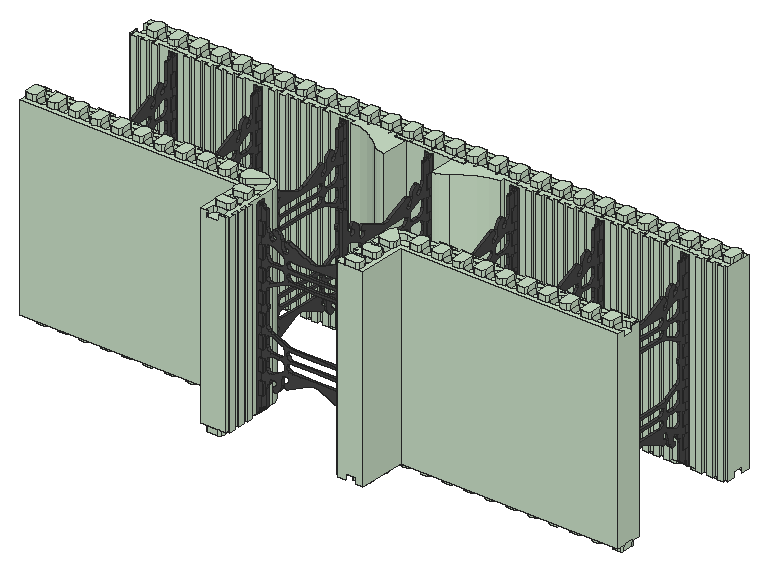
Revit family (continued)
Forms (in)
  Extrusion 45, solid, material "NUDURA Expanded Polystyrene Foam Insulation"
    sketch origin (4, -4, 0) x (1, 0, 0) y (0, 1, 0)
      loop
        line (6, -4.89806) -> (6, -3.9769)
    from 0 to -0.5
  Extrusion 46, void
    sketch origin (7.99998, -0.00002, 0) x (0, -1, 0) y (1, 0, 0)
      loop
        arc (-5.13595, -25.17306) -> (-5.1875, -25.49998) -> (-5.13595, -25.8269) r 1.0625
        arc (-5.13595, -25.8269) -> (-5.04517, -25.95213) -> (-4.89808, -25.99998) r 0.25
        line (-4.89808, -25.99998) -> (-3.97692, -25.99998)
        arc (-3.97692, -25.99998) -> (-3.88568, -25.98274) -> (-3.80702, -25.93338) r 0.25
        arc (-3.80702, -25.93338) -> (-3.78736, -25.92104) -> (-3.76455, -25.91673) r 0.0625
        line (-3.76455, -25.91673) -> (-3.41845, -25.91673) -> (-3.41845, -25.7459) -> (-3.64005, -25.7459)
        arc (-3.64005, -25.7459) -> (-3.68771, -25.72383) -> (-3.70172, -25.67321) r 0.0625
        arc (-3.70172, -25.67321) -> (-3.69045, -25.4209) -> (-3.73905, -25.17306) r 1.0625
        arc (-3.73905, -25.17306) -> (-3.82983, -25.04783) -> (-3.97692, -24.99998) r 0.25
        line (-3.97692, -24.99998) -> (-4.89808, -24.99998)
        arc (-4.89808, -24.99998) -> (-5.04517, -25.04783) -> (-5.13595, -25.17306) r 0.25
    from 18 to 17.5
  Extrusion 47, void
    sketch origin (9.99998, -0.00002, 0) x (0, -1, 0) y (1, 0, 0)
      loop
        arc (-5.13595, -25.17306) -> (-5.1875, -25.49998) -> (-5.13595, -25.8269) r 1.0625
        arc (-5.13595, -25.8269) -> (-5.04517, -25.95213) -> (-4.89808, -25.99998) r 0.25
        line (-4.89808, -25.99998) -> (-3.97692, -25.99998)
        arc (-3.97692, -25.99998) -> (-3.88568, -25.98274) -> (-3.80702, -25.93338) r 0.25
        arc (-3.80702, -25.93338) -> (-3.78736, -25.92104) -> (-3.76455, -25.91673) r 0.0625
        line (-3.76455, -25.91673) -> (-3.41845, -25.91673) -> (-3.41845, -25.7459) -> (-3.64005, -25.7459)
        arc (-3.64005, -25.7459) -> (-3.68771, -25.72383) -> (-3.70172, -25.67321) r 0.0625
        arc (-3.70172, -25.67321) -> (-3.69045, -25.4209) -> (-3.73905, -25.17306) r 1.0625
        arc (-3.73905, -25.17306) -> (-3.82983, -25.04783) -> (-3.97692, -24.99998) r 0.25
        line (-3.97692, -24.99998) -> (-4.89808, -24.99998)
        arc (-4.89808, -24.99998) -> (-5.04517, -25.04783) -> (-5.13595, -25.17306) r 0.25
    from 18 to 17.5
  Extrusion 48, void
    sketch origin (11.99998, -0.00002, 0) x (0, -1, 0) y (1, 0, 0)
      loop
        arc (-5.13595, -25.17306) -> (-5.1875, -25.49998) -> (-5.13595, -25.8269) r 1.0625
        arc (-5.13595, -25.8269) -> (-5.04517, -25.95213) -> (-4.89808, -25.99998) r 0.25
        line (-4.89808, -25.99998) -> (-3.97692, -25.99998)
        arc (-3.97692, -25.99998) -> (-3.88568, -25.98274) -> (-3.80702, -25.93338) r 0.25
        arc (-3.80702, -25.93338) -> (-3.78736, -25.92104) -> (-3.76455, -25.91673) r 0.0625
        line (-3.76455, -25.91673) -> (-3.41845, -25.91673) -> (-3.41845, -25.7459) -> (-3.64005, -25.7459)
        arc (-3.64005, -25.7459) -> (-3.68771, -25.72383) -> (-3.70172, -25.67321) r 0.0625
        arc (-3.70172, -25.67321) -> (-3.69045, -25.4209) -> (-3.73905, -25.17306) r 1.0625
        arc (-3.73905, -25.17306) -> (-3.82983, -25.04783) -> (-3.97692, -24.99998) r 0.25
        line (-3.97692, -24.99998) -> (-4.89808, -24.99998)
        arc (-4.89808, -24.99998) -> (-5.04517, -25.04783) -> (-5.13595, -25.17306) r 0.25
    from 18 to 17.5
  Extrusion 49, void
    sketch origin (13.99998, -0.00002, 0) x (0, -1, 0) y (1, 0, 0)
      loop
        arc (-5.13595, -25.17306) -> (-5.1875, -25.49998) -> (-5.13595, -25.8269) r 1.0625
        arc (-5.13595, -25.8269) -> (-5.04517, -25.95213) -> (-4.89808, -25.99998) r 0.25
        line (-4.89808, -25.99998) -> (-3.97692, -25.99998)
        arc (-3.97692, -25.99998) -> (-3.88568, -25.98274) -> (-3.80702, -25.93338) r 0.25
        arc (-3.80702, -25.93338) -> (-3.78736, -25.92104) -> (-3.76455, -25.91673) r 0.0625
        line (-3.76455, -25.91673) -> (-3.41845, -25.91673) -> (-3.41845, -25.7459) -> (-3.64005, -25.7459)
        arc (-3.64005, -25.7459) -> (-3.68771, -25.72383) -> (-3.70172, -25.67321) r 0.0625
        arc (-3.70172, -25.67321) -> (-3.69045, -25.4209) -> (-3.73905, -25.17306) r 1.0625
        arc (-3.73905, -25.17306) -> (-3.82983, -25.04783) -> (-3.97692, -24.99998) r 0.25
        line (-3.97692, -24.99998) -> (-4.89808, -24.99998)
        arc (-4.89808, -24.99998) -> (-5.04517, -25.04783) -> (-5.13595, -25.17306) r 0.25
    from 18 to 17.5
  Extrusion 50, void
    sketch origin (5.99998, -0.00002, 0) x (0, -1, 0) y (1, 0, 0)
      loop
        arc (-5.13595, -25.17306) -> (-5.1875, -25.49998) -> (-5.13595, -25.8269) r 1.0625
        arc (-5.13595, -25.8269) -> (-5.04517, -25.95213) -> (-4.89808, -25.99998) r 0.25
        line (-4.89808, -25.99998) -> (-3.97692, -25.99998)
        arc (-3.97692, -25.99998) -> (-3.88568, -25.98274) -> (-3.80702, -25.93338) r 0.25
        arc (-3.80702, -25.93338) -> (-3.78736, -25.92104) -> (-3.76455, -25.91673) r 0.0625
        line (-3.76455, -25.91673) -> (-3.41845, -25.91673) -> (-3.41845, -25.7459) -> (-3.64005, -25.7459)
        arc (-3.64005, -25.7459) -> (-3.68771, -25.72383) -> (-3.70172, -25.67321) r 0.0625
        arc (-3.70172, -25.67321) -> (-3.69045, -25.4209) -> (-3.73905, -25.17306) r 1.0625
        arc (-3.73905, -25.17306) -> (-3.82983, -25.04783) -> (-3.97692, -24.99998) r 0.25
        line (-3.97692, -24.99998) -> (-4.89808, -24.99998)
        arc (-4.89808, -24.99998) -> (-5.04517, -25.04783) -> (-5.13595, -25.17306) r 0.25
    from 18 to 17.5
  Extrusion 51, void
    sketch origin (-0.00002, -0.00002, 0) x (0, -1, 0) y (1, 0, 0)
      loop
        arc (-5.13595, -25.17306) -> (-5.1875, -25.49998) -> (-5.13595, -25.8269) r 1.0625
        arc (-5.13595, -25.8269) -> (-5.04517, -25.95213) -> (-4.89808, -25.99998) r 0.25
        line (-4.89808, -25.99998) -> (-3.97692, -25.99998)
        arc (-3.97692, -25.99998) -> (-3.88568, -25.98274) -> (-3.80702, -25.93338) r 0.25
        arc (-3.80702, -25.93338) -> (-3.78736, -25.92104) -> (-3.76455, -25.91673) r 0.0625
        line (-3.76455, -25.91673) -> (-3.41845, -25.91673) -> (-3.41845, -25.7459) -> (-3.64005, -25.7459)
        arc (-3.64005, -25.7459) -> (-3.68771, -25.72383) -> (-3.70172, -25.67321) r 0.0625
        arc (-3.70172, -25.67321) -> (-3.69045, -25.4209) -> (-3.73905, -25.17306) r 1.0625
        arc (-3.73905, -25.17306) -> (-3.82983, -25.04783) -> (-3.97692, -24.99998) r 0.25
        line (-3.97692, -24.99998) -> (-4.89808, -24.99998)
        arc (-4.89808, -24.99998) -> (-5.04517, -25.04783) -> (-5.13595, -25.17306) r 0.25
    from 18 to 17.5
  Extrusion 52, void
    sketch origin (1.99998, -0.00002, 0) x (0, -1, 0) y (1, 0, 0)
      loop
        arc (-5.13595, -25.17306) -> (-5.1875, -25.49998) -> (-5.13595, -25.8269) r 1.0625
        arc (-5.13595, -25.8269) -> (-5.04517, -25.95213) -> (-4.89808, -25.99998) r 0.25
        line (-4.89808, -25.99998) -> (-3.97692, -25.99998)
        arc (-3.97692, -25.99998) -> (-3.88568, -25.98274) -> (-3.80702, -25.93338) r 0.25
        arc (-3.80702, -25.93338) -> (-3.78736, -25.92104) -> (-3.76455, -25.91673) r 0.0625
        line (-3.76455, -25.91673) -> (-3.41845, -25.91673) -> (-3.41845, -25.7459) -> (-3.64005, -25.7459)
        arc (-3.64005, -25.7459) -> (-3.68771, -25.72383) -> (-3.70172, -25.67321) r 0.0625
        arc (-3.70172, -25.67321) -> (-3.69045, -25.4209) -> (-3.73905, -25.17306) r 1.0625
        arc (-3.73905, -25.17306) -> (-3.82983, -25.04783) -> (-3.97692, -24.99998) r 0.25
        line (-3.97692, -24.99998) -> (-4.89808, -24.99998)
        arc (-4.89808, -24.99998) -> (-5.04517, -25.04783) -> (-5.13595, -25.17306) r 0.25
    from 18 to 17.5
  Extrusion 53, void
    sketch origin (3.99998, -0.00002, 0) x (0, -1, 0) y (1, 0, 0)
      loop
        arc (-5.13595, -25.17306) -> (-5.1875, -25.49998) -> (-5.13595, -25.8269) r 1.0625
        arc (-5.13595, -25.8269) -> (-5.04517, -25.95213) -> (-4.89808, -25.99998) r 0.25
        line (-4.89808, -25.99998) -> (-3.97692, -25.99998)
        arc (-3.97692, -25.99998) -> (-3.88568, -25.98274) -> (-3.80702, -25.93338) r 0.25
        arc (-3.80702, -25.93338) -> (-3.78736, -25.92104) -> (-3.76455, -25.91673) r 0.0625
        line (-3.76455, -25.91673) -> (-3.41845, -25.91673) -> (-3.41845, -25.7459) -> (-3.64005, -25.7459)
        arc (-3.64005, -25.7459) -> (-3.68771, -25.72383) -> (-3.70172, -25.67321) r 0.0625
        arc (-3.70172, -25.67321) -> (-3.69045, -25.4209) -> (-3.73905, -25.17306) r 1.0625
        arc (-3.73905, -25.17306) -> (-3.82983, -25.04783) -> (-3.97692, -24.99998) r 0.25
        line (-3.97692, -24.99998) -> (-4.89808, -24.99998)
        arc (-4.89808, -24.99998) -> (-5.04517, -25.04783) -> (-5.13595, -25.17306) r 0.25
    from 18 to 17.5
  Extrusion 54, void
    sketch origin (-35.99998, -3.99998, 0) x (0, 1, 0) y (-1, 0, 0)
      loop
        arc (-5.13595, -25.17306) -> (-5.1875, -25.49998) -> (-5.13595, -25.8269) r 1.0625
        arc (-5.13595, -25.8269) -> (-5.04517, -25.95213) -> (-4.89808, -25.99998) r 0.25
        line (-4.89808, -25.99998) -> (-3.97692, -25.99998)
        arc (-3.97692, -25.99998) -> (-3.88568, -25.98274) -> (-3.80702, -25.93338) r 0.25
        arc (-3.80702, -25.93338) -> (-3.78736, -25.92104) -> (-3.76455, -25.91673) r 0.0625
        line (-3.76455, -25.91673) -> (-3.41845, -25.91673) -> (-3.41845, -25.7459) -> (-3.64005, -25.7459)
        arc (-3.64005, -25.7459) -> (-3.68771, -25.72383) -> (-3.70172, -25.67321) r 0.0625
        arc (-3.70172, -25.67321) -> (-3.69045, -25.4209) -> (-3.73905, -25.17306) r 1.0625
        arc (-3.73905, -25.17306) -> (-3.82983, -25.04783) -> (-3.97692, -24.99998) r 0.25
        line (-3.97692, -24.99998) -> (-4.89808, -24.99998)
        arc (-4.89808, -24.99998) -> (-5.04517, -25.04783) -> (-5.13595, -25.17306) r 0.25
    from 18 to 17.5
  Extrusion 55, void
    sketch origin (-37.99998, -3.99998, 0) x (0, 1, 0) y (-1, 0, 0)
      loop
        arc (-5.13595, -25.17306) -> (-5.1875, -25.49998) -> (-5.13595, -25.8269) r 1.0625
        arc (-5.13595, -25.8269) -> (-5.04517, -25.95213) -> (-4.89808, -25.99998) r 0.25
        line (-4.89808, -25.99998) -> (-3.97692, -25.99998)
        arc (-3.97692, -25.99998) -> (-3.88568, -25.98274) -> (-3.80702, -25.93338) r 0.25
        arc (-3.80702, -25.93338) -> (-3.78736, -25.92104) -> (-3.76455, -25.91673) r 0.0625
        line (-3.76455, -25.91673) -> (-3.41845, -25.91673) -> (-3.41845, -25.7459) -> (-3.64005, -25.7459)
        arc (-3.64005, -25.7459) -> (-3.68771, -25.72383) -> (-3.70172, -25.67321) r 0.0625
        arc (-3.70172, -25.67321) -> (-3.69045, -25.4209) -> (-3.73905, -25.17306) r 1.0625
        arc (-3.73905, -25.17306) -> (-3.82983, -25.04783) -> (-3.97692, -24.99998) r 0.25
        line (-3.97692, -24.99998) -> (-4.89808, -24.99998)
        arc (-4.89808, -24.99998) -> (-5.04517, -25.04783) -> (-5.13595, -25.17306) r 0.25
    from 18 to 17.5
  Extrusion 56, void
    sketch origin (-39.99998, -3.99998, 0) x (0, 1, 0) y (-1, 0, 0)
      loop
        arc (-5.13595, -25.17306) -> (-5.1875, -25.49998) -> (-5.13595, -25.8269) r 1.0625
        arc (-5.13595, -25.8269) -> (-5.04517, -25.95213) -> (-4.89808, -25.99998) r 0.25
        line (-4.89808, -25.99998) -> (-3.97692, -25.99998)
        arc (-3.97692, -25.99998) -> (-3.88568, -25.98274) -> (-3.80702, -25.93338) r 0.25
        arc (-3.80702, -25.93338) -> (-3.78736, -25.92104) -> (-3.76455, -25.91673) r 0.0625
        line (-3.76455, -25.91673) -> (-3.41845, -25.91673) -> (-3.41845, -25.7459) -> (-3.64005, -25.7459)
        arc (-3.64005, -25.7459) -> (-3.68771, -25.72383) -> (-3.70172, -25.67321) r 0.0625
        arc (-3.70172, -25.67321) -> (-3.69045, -25.4209) -> (-3.73905, -25.17306) r 1.0625
        arc (-3.73905, -25.17306) -> (-3.82983, -25.04783) -> (-3.97692, -24.99998) r 0.25
        line (-3.97692, -24.99998) -> (-4.89808, -24.99998)
        arc (-4.89808, -24.99998) -> (-5.04517, -25.04783) -> (-5.13595, -25.17306) r 0.25
    from 18 to 17.5
  Extrusion 57, void
    sketch origin (-41.99998, -3.99998, 0) x (0, 1, 0) y (-1, 0, 0)
      loop
        arc (-5.13595, -25.17306) -> (-5.1875, -25.49998) -> (-5.13595, -25.8269) r 1.0625
        arc (-5.13595, -25.8269) -> (-5.04517, -25.95213) -> (-4.89808, -25.99998) r 0.25
        line (-4.89808, -25.99998) -> (-3.97692, -25.99998)
        arc (-3.97692, -25.99998) -> (-3.88568, -25.98274) -> (-3.80702, -25.93338) r 0.25
        arc (-3.80702, -25.93338) -> (-3.78736, -25.92104) -> (-3.76455, -25.91673) r 0.0625
        line (-3.76455, -25.91673) -> (-3.41845, -25.91673) -> (-3.41845, -25.7459) -> (-3.64005, -25.7459)
        arc (-3.64005, -25.7459) -> (-3.68771, -25.72383) -> (-3.70172, -25.67321) r 0.0625
        arc (-3.70172, -25.67321) -> (-3.69045, -25.4209) -> (-3.73905, -25.17306) r 1.0625
        arc (-3.73905, -25.17306) -> (-3.82983, -25.04783) -> (-3.97692, -24.99998) r 0.25
        line (-3.97692, -24.99998) -> (-4.89808, -24.99998)
        arc (-4.89808, -24.99998) -> (-5.04517, -25.04783) -> (-5.13595, -25.17306) r 0.25
    from 18 to 17.5
  Extrusion 58, void
    sketch origin (-43.99998, -3.99998, 0) x (0, 1, 0) y (-1, 0, 0)
      loop
        arc (-5.13595, -25.17306) -> (-5.1875, -25.49998) -> (-5.13595, -25.8269) r 1.0625
        arc (-5.13595, -25.8269) -> (-5.04517, -25.95213) -> (-4.89808, -25.99998) r 0.25
        line (-4.89808, -25.99998) -> (-3.97692, -25.99998)
        arc (-3.97692, -25.99998) -> (-3.88568, -25.98274) -> (-3.80702, -25.93338) r 0.25
        arc (-3.80702, -25.93338) -> (-3.78736, -25.92104) -> (-3.76455, -25.91673) r 0.0625
        line (-3.76455, -25.91673) -> (-3.41845, -25.91673) -> (-3.41845, -25.7459) -> (-3.64005, -25.7459)
        arc (-3.64005, -25.7459) -> (-3.68771, -25.72383) -> (-3.70172, -25.67321) r 0.0625
        arc (-3.70172, -25.67321) -> (-3.69045, -25.4209) -> (-3.73905, -25.17306) r 1.0625
        arc (-3.73905, -25.17306) -> (-3.82983, -25.04783) -> (-3.97692, -24.99998) r 0.25
        line (-3.97692, -24.99998) -> (-4.89808, -24.99998)
        arc (-4.89808, -24.99998) -> (-5.04517, -25.04783) -> (-5.13595, -25.17306) r 0.25
    from 18 to 17.5
  Extrusion 59, void
    sketch origin (-45.99998, -3.99998, 0) x (0, 1, 0) y (-1, 0, 0)
      loop
        arc (-5.13595, -25.17306) -> (-5.1875, -25.49998) -> (-5.13595, -25.8269) r 1.0625
        arc (-5.13595, -25.8269) -> (-5.04517, -25.95213) -> (-4.89808, -25.99998) r 0.25
        line (-4.89808, -25.99998) -> (-3.97692, -25.99998)
        arc (-3.97692, -25.99998) -> (-3.88568, -25.98274) -> (-3.80702, -25.93338) r 0.25
        arc (-3.80702, -25.93338) -> (-3.78736, -25.92104) -> (-3.76455, -25.91673) r 0.0625
        line (-3.76455, -25.91673) -> (-3.41845, -25.91673) -> (-3.41845, -25.7459) -> (-3.64005, -25.7459)
        arc (-3.64005, -25.7459) -> (-3.68771, -25.72383) -> (-3.70172, -25.67321) r 0.0625
        arc (-3.70172, -25.67321) -> (-3.69045, -25.4209) -> (-3.73905, -25.17306) r 1.0625
        arc (-3.73905, -25.17306) -> (-3.82983, -25.04783) -> (-3.97692, -24.99998) r 0.25
        line (-3.97692, -24.99998) -> (-4.89808, -24.99998)
        arc (-4.89808, -24.99998) -> (-5.04517, -25.04783) -> (-5.13595, -25.17306) r 0.25
    from 18 to 17.5
  Extrusion 60, void
    sketch origin (-47.99998, -3.99998, 0) x (0, 1, 0) y (-1, 0, 0)
      loop
        arc (-5.13595, -25.17306) -> (-5.1875, -25.49998) -> (-5.13595, -25.8269) r 1.0625
        arc (-5.13595, -25.8269) -> (-5.04517, -25.95213) -> (-4.89808, -25.99998) r 0.25
        line (-4.89808, -25.99998) -> (-3.97692, -25.99998)
        arc (-3.97692, -25.99998) -> (-3.88568, -25.98274) -> (-3.80702, -25.93338) r 0.25
        arc (-3.80702, -25.93338) -> (-3.78736, -25.92104) -> (-3.76455, -25.91673) r 0.0625
        line (-3.76455, -25.91673) -> (-3.41845, -25.91673) -> (-3.41845, -25.7459) -> (-3.64005, -25.7459)
        arc (-3.64005, -25.7459) -> (-3.68771, -25.72383) -> (-3.70172, -25.67321) r 0.0625
        arc (-3.70172, -25.67321) -> (-3.69045, -25.4209) -> (-3.73905, -25.17306) r 1.0625
        arc (-3.73905, -25.17306) -> (-3.82983, -25.04783) -> (-3.97692, -24.99998) r 0.25
        line (-3.97692, -24.99998) -> (-4.89808, -24.99998)
        arc (-4.89808, -24.99998) -> (-5.04517, -25.04783) -> (-5.13595, -25.17306) r 0.25
    from 18 to 17.5
  Extrusion 61, void
    sketch origin (-49.99998, -3.99998, 0) x (0, 1, 0) y (-1, 0, 0)
      loop
        arc (-5.13595, -25.17306) -> (-5.1875, -25.49998) -> (-5.13595, -25.8269) r 1.0625
        arc (-5.13595, -25.8269) -> (-5.04517, -25.95213) -> (-4.89808, -25.99998) r 0.25
        line (-4.89808, -25.99998) -> (-3.97692, -25.99998)
        arc (-3.97692, -25.99998) -> (-3.88568, -25.98274) -> (-3.80702, -25.93338) r 0.25
        arc (-3.80702, -25.93338) -> (-3.78736, -25.92104) -> (-3.76455, -25.91673) r 0.0625
        line (-3.76455, -25.91673) -> (-3.41845, -25.91673) -> (-3.41845, -25.7459) -> (-3.64005, -25.7459)
        arc (-3.64005, -25.7459) -> (-3.68771, -25.72383) -> (-3.70172, -25.67321) r 0.0625
        arc (-3.70172, -25.67321) -> (-3.69045, -25.4209) -> (-3.73905, -25.17306) r 1.0625
        arc (-3.73905, -25.17306) -> (-3.82983, -25.04783) -> (-3.97692, -24.99998) r 0.25
        line (-3.97692, -24.99998) -> (-4.89808, -24.99998)
        arc (-4.89808, -24.99998) -> (-5.04517, -25.04783) -> (-5.13595, -25.17306) r 0.25
    from 18 to 17.5
  Extrusion 62, void
    sketch origin (-9.99998, -3.99998, 0) x (0, 1, 0) y (-1, 0, 0)
      loop
        arc (-5.13595, -25.17306) -> (-5.1875, -25.49998) -> (-5.13595, -25.8269) r 1.0625
        arc (-5.13595, -25.8269) -> (-5.04517, -25.95213) -> (-4.89808, -25.99998) r 0.25
        line (-4.89808, -25.99998) -> (-3.97692, -25.99998)
        arc (-3.97692, -25.99998) -> (-3.88568, -25.98274) -> (-3.80702, -25.93338) r 0.25
        arc (-3.80702, -25.93338) -> (-3.78736, -25.92104) -> (-3.76455, -25.91673) r 0.0625
        line (-3.76455, -25.91673) -> (-3.41845, -25.91673) -> (-3.41845, -25.7459) -> (-3.64005, -25.7459)
        arc (-3.64005, -25.7459) -> (-3.68771, -25.72383) -> (-3.70172, -25.67321) r 0.0625
        arc (-3.70172, -25.67321) -> (-3.69045, -25.4209) -> (-3.73905, -25.17306) r 1.0625
        arc (-3.73905, -25.17306) -> (-3.82983, -25.04783) -> (-3.97692, -24.99998) r 0.25
        line (-3.97692, -24.99998) -> (-4.89808, -24.99998)
        arc (-4.89808, -24.99998) -> (-5.04517, -25.04783) -> (-5.13595, -25.17306) r 0.25
    from 18 to 17.5
  Extrusion 63, void
    sketch origin (-7.99998, -3.99998, 0) x (0, 1, 0) y (-1, 0, 0)
      loop
        arc (-5.13595, -25.17306) -> (-5.1875, -25.49998) -> (-5.13595, -25.8269) r 1.0625
        arc (-5.13595, -25.8269) -> (-5.04517, -25.95213) -> (-4.89808, -25.99998) r 0.25
        line (-4.89808, -25.99998) -> (-3.97692, -25.99998)
        arc (-3.97692, -25.99998) -> (-3.88568, -25.98274) -> (-3.80702, -25.93338) r 0.25
        arc (-3.80702, -25.93338) -> (-3.78736, -25.92104) -> (-3.76455, -25.91673) r 0.0625
        line (-3.76455, -25.91673) -> (-3.41845, -25.91673) -> (-3.41845, -25.7459) -> (-3.64005, -25.7459)
        arc (-3.64005, -25.7459) -> (-3.68771, -25.72383) -> (-3.70172, -25.67321) r 0.0625
        arc (-3.70172, -25.67321) -> (-3.69045, -25.4209) -> (-3.73905, -25.17306) r 1.0625
        arc (-3.73905, -25.17306) -> (-3.82983, -25.04783) -> (-3.97692, -24.99998) r 0.25
        line (-3.97692, -24.99998) -> (-4.89808, -24.99998)
        arc (-4.89808, -24.99998) -> (-5.04517, -25.04783) -> (-5.13595, -25.17306) r 0.25
    from 18 to 17.5
  Extrusion 64, void
    sketch origin (-5.99998, -3.99998, 0) x (0, 1, 0) y (-1, 0, 0)
      loop
        arc (-5.13595, -25.17306) -> (-5.1875, -25.49998) -> (-5.13595, -25.8269) r 1.0625
        arc (-5.13595, -25.8269) -> (-5.04517, -25.95213) -> (-4.89808, -25.99998) r 0.25
        line (-4.89808, -25.99998) -> (-3.97692, -25.99998)
        arc (-3.97692, -25.99998) -> (-3.88568, -25.98274) -> (-3.80702, -25.93338) r 0.25
        arc (-3.80702, -25.93338) -> (-3.78736, -25.92104) -> (-3.76455, -25.91673) r 0.0625
        line (-3.76455, -25.91673) -> (-3.41845, -25.91673) -> (-3.41845, -25.7459) -> (-3.64005, -25.7459)
        arc (-3.64005, -25.7459) -> (-3.68771, -25.72383) -> (-3.70172, -25.67321) r 0.0625
        arc (-3.70172, -25.67321) -> (-3.69045, -25.4209) -> (-3.73905, -25.17306) r 1.0625
        arc (-3.73905, -25.17306) -> (-3.82983, -25.04783) -> (-3.97692, -24.99998) r 0.25
        line (-3.97692, -24.99998) -> (-4.89808, -24.99998)
        arc (-4.89808, -24.99998) -> (-5.04517, -25.04783) -> (-5.13595, -25.17306) r 0.25
    from 18 to 17.5
  Extrusion 65, void
    sketch origin (-3.99998, -3.99998, 0) x (0, 1, 0) y (-1, 0, 0)
      loop
        arc (-5.13595, -25.17306) -> (-5.1875, -25.49998) -> (-5.13595, -25.8269) r 1.0625
        arc (-5.13595, -25.8269) -> (-5.04517, -25.95213) -> (-4.89808, -25.99998) r 0.25
        line (-4.89808, -25.99998) -> (-3.97692, -25.99998)
        arc (-3.97692, -25.99998) -> (-3.88568, -25.98274) -> (-3.80702, -25.93338) r 0.25
        arc (-3.80702, -25.93338) -> (-3.78736, -25.92104) -> (-3.76455, -25.91673) r 0.0625
        line (-3.76455, -25.91673) -> (-3.41845, -25.91673) -> (-3.41845, -25.7459) -> (-3.64005, -25.7459)
        arc (-3.64005, -25.7459) -> (-3.68771, -25.72383) -> (-3.70172, -25.67321) r 0.0625
        arc (-3.70172, -25.67321) -> (-3.69045, -25.4209) -> (-3.73905, -25.17306) r 1.0625
        arc (-3.73905, -25.17306) -> (-3.82983, -25.04783) -> (-3.97692, -24.99998) r 0.25
        line (-3.97692, -24.99998) -> (-4.89808, -24.99998)
        arc (-4.89808, -24.99998) -> (-5.04517, -25.04783) -> (-5.13595, -25.17306) r 0.25
    from 18 to 17.5
  Extrusion 66, void
    sketch origin (-1.99998, -3.99998, 0) x (0, 1, 0) y (-1, 0, 0)
      loop
        arc (-5.13595, -25.17306) -> (-5.1875, -25.49998) -> (-5.13595, -25.8269) r 1.0625
        arc (-5.13595, -25.8269) -> (-5.04517, -25.95213) -> (-4.89808, -25.99998) r 0.25
        line (-4.89808, -25.99998) -> (-3.97692, -25.99998)
        arc (-3.97692, -25.99998) -> (-3.88568, -25.98274) -> (-3.80702, -25.93338) r 0.25
        arc (-3.80702, -25.93338) -> (-3.78736, -25.92104) -> (-3.76455, -25.91673) r 0.0625
        line (-3.76455, -25.91673) -> (-3.41845, -25.91673) -> (-3.41845, -25.7459) -> (-3.64005, -25.7459)
        arc (-3.64005, -25.7459) -> (-3.68771, -25.72383) -> (-3.70172, -25.67321) r 0.0625
        arc (-3.70172, -25.67321) -> (-3.69045, -25.4209) -> (-3.73905, -25.17306) r 1.0625
        arc (-3.73905, -25.17306) -> (-3.82983, -25.04783) -> (-3.97692, -24.99998) r 0.25
        line (-3.97692, -24.99998) -> (-4.89808, -24.99998)
        arc (-4.89808, -24.99998) -> (-5.04517, -25.04783) -> (-5.13595, -25.17306) r 0.25
    from 18 to 17.5
  Extrusion 67, void
    sketch origin (0.00002, -3.99998, 0) x (0, 1, 0) y (-1, 0, 0)
      loop
        arc (-5.13595, -25.17306) -> (-5.1875, -25.49998) -> (-5.13595, -25.8269) r 1.0625
        arc (-5.13595, -25.8269) -> (-5.04517, -25.95213) -> (-4.89808, -25.99998) r 0.25
        line (-4.89808, -25.99998) -> (-3.97692, -25.99998)
        arc (-3.97692, -25.99998) -> (-3.88568, -25.98274) -> (-3.80702, -25.93338) r 0.25
        arc (-3.80702, -25.93338) -> (-3.78736, -25.92104) -> (-3.76455, -25.91673) r 0.0625
        line (-3.76455, -25.91673) -> (-3.41845, -25.91673) -> (-3.41845, -25.7459) -> (-3.64005, -25.7459)
        arc (-3.64005, -25.7459) -> (-3.68771, -25.72383) -> (-3.70172, -25.67321) r 0.0625
        arc (-3.70172, -25.67321) -> (-3.69045, -25.4209) -> (-3.73905, -25.17306) r 1.0625
        arc (-3.73905, -25.17306) -> (-3.82983, -25.04783) -> (-3.97692, -24.99998) r 0.25
        line (-3.97692, -24.99998) -> (-4.89808, -24.99998)
        arc (-4.89808, -24.99998) -> (-5.04517, -25.04783) -> (-5.13595, -25.17306) r 0.25
    from 18 to 17.5
  Extrusion 68, void
    sketch origin (2.00002, -3.99998, 0) x (0, 1, 0) y (-1, 0, 0)
      loop
        arc (-5.13595, -25.17306) -> (-5.1875, -25.49998) -> (-5.13595, -25.8269) r 1.0625
        arc (-5.13595, -25.8269) -> (-5.04517, -25.95213) -> (-4.89808, -25.99998) r 0.25
        line (-4.89808, -25.99998) -> (-3.97692, -25.99998)
        arc (-3.97692, -25.99998) -> (-3.88568, -25.98274) -> (-3.80702, -25.93338) r 0.25
        arc (-3.80702, -25.93338) -> (-3.78736, -25.92104) -> (-3.76455, -25.91673) r 0.0625
        line (-3.76455, -25.91673) -> (-3.41845, -25.91673) -> (-3.41845, -25.7459) -> (-3.64005, -25.7459)
        arc (-3.64005, -25.7459) -> (-3.68771, -25.72383) -> (-3.70172, -25.67321) r 0.0625
        arc (-3.70172, -25.67321) -> (-3.69045, -25.4209) -> (-3.73905, -25.17306) r 1.0625
        arc (-3.73905, -25.17306) -> (-3.82983, -25.04783) -> (-3.97692, -24.99998) r 0.25
        line (-3.97692, -24.99998) -> (-4.89808, -24.99998)
        arc (-4.89808, -24.99998) -> (-5.04517, -25.04783) -> (-5.13595, -25.17306) r 0.25
    from 18 to 17.5
  Extrusion 69, void
    sketch origin (4.00002, -3.99998, 0) x (0, 1, 0) y (-1, 0, 0)
      loop
        arc (-5.13595, -25.17306) -> (-5.1875, -25.49998) -> (-5.13595, -25.8269) r 1.0625
        arc (-5.13595, -25.8269) -> (-5.04517, -25.95213) -> (-4.89808, -25.99998) r 0.25
        line (-4.89808, -25.99998) -> (-3.97692, -25.99998)
        arc (-3.97692, -25.99998) -> (-3.88568, -25.98274) -> (-3.80702, -25.93338) r 0.25
        arc (-3.80702, -25.93338) -> (-3.78736, -25.92104) -> (-3.76455, -25.91673) r 0.0625
        line (-3.76455, -25.91673) -> (-3.41845, -25.91673) -> (-3.41845, -25.7459) -> (-3.64005, -25.7459)
        arc (-3.64005, -25.7459) -> (-3.68771, -25.72383) -> (-3.70172, -25.67321) r 0.0625
        arc (-3.70172, -25.67321) -> (-3.69045, -25.4209) -> (-3.73905, -25.17306) r 1.0625
        arc (-3.73905, -25.17306) -> (-3.82983, -25.04783) -> (-3.97692, -24.99998) r 0.25
        line (-3.97692, -24.99998) -> (-4.89808, -24.99998)
        arc (-4.89808, -24.99998) -> (-5.04517, -25.04783) -> (-5.13595, -25.17306) r 0.25
    from 18 to 17.5
  Extrusion 70, void
    sketch origin (37.99998, -0.00002, 0) x (0, -1, 0) y (1, 0, 0)
      loop
        arc (-5.13595, -25.17306) -> (-5.1875, -25.49998) -> (-5.13595, -25.8269) r 1.0625
        arc (-5.13595, -25.8269) -> (-5.04517, -25.95213) -> (-4.89808, -25.99998) r 0.25
        line (-4.89808, -25.99998) -> (-3.97692, -25.99998)
        arc (-3.97692, -25.99998) -> (-3.88568, -25.98274) -> (-3.80702, -25.93338) r 0.25
        arc (-3.80702, -25.93338) -> (-3.78736, -25.92104) -> (-3.76455, -25.91673) r 0.0625
        line (-3.76455, -25.91673) -> (-3.41845, -25.91673) -> (-3.41845, -25.7459) -> (-3.64005, -25.7459)
        arc (-3.64005, -25.7459) -> (-3.68771, -25.72383) -> (-3.70172, -25.67321) r 0.0625
        arc (-3.70172, -25.67321) -> (-3.69045, -25.4209) -> (-3.73905, -25.17306) r 1.0625
        arc (-3.73905, -25.17306) -> (-3.82983, -25.04783) -> (-3.97692, -24.99998) r 0.25
        line (-3.97692, -24.99998) -> (-4.89808, -24.99998)
        arc (-4.89808, -24.99998) -> (-5.04517, -25.04783) -> (-5.13595, -25.17306) r 0.25
    from 18 to 17.5
  Extrusion 71, void
    sketch origin (39.99998, -0.00002, 0) x (0, -1, 0) y (1, 0, 0)
      loop
        arc (-5.13595, -25.17306) -> (-5.1875, -25.49998) -> (-5.13595, -25.8269) r 1.0625
        arc (-5.13595, -25.8269) -> (-5.04517, -25.95213) -> (-4.89808, -25.99998) r 0.25
        line (-4.89808, -25.99998) -> (-3.97692, -25.99998)
        arc (-3.97692, -25.99998) -> (-3.88568, -25.98274) -> (-3.80702, -25.93338) r 0.25
        arc (-3.80702, -25.93338) -> (-3.78736, -25.92104) -> (-3.76455, -25.91673) r 0.0625
        line (-3.76455, -25.91673) -> (-3.41845, -25.91673) -> (-3.41845, -25.7459) -> (-3.64005, -25.7459)
        arc (-3.64005, -25.7459) -> (-3.68771, -25.72383) -> (-3.70172, -25.67321) r 0.0625
        arc (-3.70172, -25.67321) -> (-3.69045, -25.4209) -> (-3.73905, -25.17306) r 1.0625
        arc (-3.73905, -25.17306) -> (-3.82983, -25.04783) -> (-3.97692, -24.99998) r 0.25
        line (-3.97692, -24.99998) -> (-4.89808, -24.99998)
        arc (-4.89808, -24.99998) -> (-5.04517, -25.04783) -> (-5.13595, -25.17306) r 0.25
    from 18 to 17.5
  Extrusion 72, void
    sketch origin (41.99998, -0.00002, 0) x (0, -1, 0) y (1, 0, 0)
      loop
        arc (-5.13595, -25.17306) -> (-5.1875, -25.49998) -> (-5.13595, -25.8269) r 1.0625
        arc (-5.13595, -25.8269) -> (-5.04517, -25.95213) -> (-4.89808, -25.99998) r 0.25
        line (-4.89808, -25.99998) -> (-3.97692, -25.99998)
        arc (-3.97692, -25.99998) -> (-3.88568, -25.98274) -> (-3.80702, -25.93338) r 0.25
        arc (-3.80702, -25.93338) -> (-3.78736, -25.92104) -> (-3.76455, -25.91673) r 0.0625
        line (-3.76455, -25.91673) -> (-3.41845, -25.91673) -> (-3.41845, -25.7459) -> (-3.64005, -25.7459)
        arc (-3.64005, -25.7459) -> (-3.68771, -25.72383) -> (-3.70172, -25.67321) r 0.0625
        arc (-3.70172, -25.67321) -> (-3.69045, -25.4209) -> (-3.73905, -25.17306) r 1.0625
        arc (-3.73905, -25.17306) -> (-3.82983, -25.04783) -> (-3.97692, -24.99998) r 0.25
        line (-3.97692, -24.99998) -> (-4.89808, -24.99998)
        arc (-4.89808, -24.99998) -> (-5.04517, -25.04783) -> (-5.13595, -25.17306) r 0.25
    from 18 to 17.5
  Extrusion 73, void
    sketch origin (43.99998, -0.00002, 0) x (0, -1, 0) y (1, 0, 0)
      loop
        arc (-5.13595, -25.17306) -> (-5.1875, -25.49998) -> (-5.13595, -25.8269) r 1.0625
        arc (-5.13595, -25.8269) -> (-5.04517, -25.95213) -> (-4.89808, -25.99998) r 0.25
        line (-4.89808, -25.99998) -> (-3.97692, -25.99998)
        arc (-3.97692, -25.99998) -> (-3.88568, -25.98274) -> (-3.80702, -25.93338) r 0.25
        arc (-3.80702, -25.93338) -> (-3.78736, -25.92104) -> (-3.76455, -25.91673) r 0.0625
        line (-3.76455, -25.91673) -> (-3.41845, -25.91673) -> (-3.41845, -25.7459) -> (-3.64005, -25.7459)
        arc (-3.64005, -25.7459) -> (-3.68771, -25.72383) -> (-3.70172, -25.67321) r 0.0625
        arc (-3.70172, -25.67321) -> (-3.69045, -25.4209) -> (-3.73905, -25.17306) r 1.0625
        arc (-3.73905, -25.17306) -> (-3.82983, -25.04783) -> (-3.97692, -24.99998) r 0.25
        line (-3.97692, -24.99998) -> (-4.89808, -24.99998)
        arc (-4.89808, -24.99998) -> (-5.04517, -25.04783) -> (-5.13595, -25.17306) r 0.25
    from 18 to 17.5
  Extrusion 74, void
    sketch origin (45.99998, -0.00002, 0) x (0, -1, 0) y (1, 0, 0)
      loop
        arc (-5.13595, -25.17306) -> (-5.1875, -25.49998) -> (-5.13595, -25.8269) r 1.0625
        arc (-5.13595, -25.8269) -> (-5.04517, -25.95213) -> (-4.89808, -25.99998) r 0.25
        line (-4.89808, -25.99998) -> (-3.97692, -25.99998)
        arc (-3.97692, -25.99998) -> (-3.88568, -25.98274) -> (-3.80702, -25.93338) r 0.25
        arc (-3.80702, -25.93338) -> (-3.78736, -25.92104) -> (-3.76455, -25.91673) r 0.0625
        line (-3.76455, -25.91673) -> (-3.41845, -25.91673) -> (-3.41845, -25.7459) -> (-3.64005, -25.7459)
        arc (-3.64005, -25.7459) -> (-3.68771, -25.72383) -> (-3.70172, -25.67321) r 0.0625
        arc (-3.70172, -25.67321) -> (-3.69045, -25.4209) -> (-3.73905, -25.17306) r 1.0625
        arc (-3.73905, -25.17306) -> (-3.82983, -25.04783) -> (-3.97692, -24.99998) r 0.25
        line (-3.97692, -24.99998) -> (-4.89808, -24.99998)
        arc (-4.89808, -24.99998) -> (-5.04517, -25.04783) -> (-5.13595, -25.17306) r 0.25
    from 18 to 17.5
  Extrusion 75, void
    sketch origin (47.99998, -0.00002, 0) x (0, -1, 0) y (1, 0, 0)
      loop
        arc (-5.13595, -25.17306) -> (-5.1875, -25.49998) -> (-5.13595, -25.8269) r 1.0625
        arc (-5.13595, -25.8269) -> (-5.04517, -25.95213) -> (-4.89808, -25.99998) r 0.25
        line (-4.89808, -25.99998) -> (-3.97692, -25.99998)
        arc (-3.97692, -25.99998) -> (-3.88568, -25.98274) -> (-3.80702, -25.93338) r 0.25
        arc (-3.80702, -25.93338) -> (-3.78736, -25.92104) -> (-3.76455, -25.91673) r 0.0625
        line (-3.76455, -25.91673) -> (-3.41845, -25.91673) -> (-3.41845, -25.7459) -> (-3.64005, -25.7459)
        arc (-3.64005, -25.7459) -> (-3.68771, -25.72383) -> (-3.70172, -25.67321) r 0.0625
        arc (-3.70172, -25.67321) -> (-3.69045, -25.4209) -> (-3.73905, -25.17306) r 1.0625
        arc (-3.73905, -25.17306) -> (-3.82983, -25.04783) -> (-3.97692, -24.99998) r 0.25
        line (-3.97692, -24.99998) -> (-4.89808, -24.99998)
        arc (-4.89808, -24.99998) -> (-5.04517, -25.04783) -> (-5.13595, -25.17306) r 0.25
    from 18 to 17.5
  Extrusion 76, void
    sketch origin (49.99998, -0.00002, 0) x (0, -1, 0) y (1, 0, 0)
      loop
        arc (-5.13595, -25.17306) -> (-5.1875, -25.49998) -> (-5.13595, -25.8269) r 1.0625
        arc (-5.13595, -25.8269) -> (-5.04517, -25.95213) -> (-4.89808, -25.99998) r 0.25
        line (-4.89808, -25.99998) -> (-3.97692, -25.99998)
        arc (-3.97692, -25.99998) -> (-3.88568, -25.98274) -> (-3.80702, -25.93338) r 0.25
        arc (-3.80702, -25.93338) -> (-3.78736, -25.92104) -> (-3.76455, -25.91673) r 0.0625
        line (-3.76455, -25.91673) -> (-3.41845, -25.91673) -> (-3.41845, -25.7459) -> (-3.64005, -25.7459)
        arc (-3.64005, -25.7459) -> (-3.68771, -25.72383) -> (-3.70172, -25.67321) r 0.0625
        arc (-3.70172, -25.67321) -> (-3.69045, -25.4209) -> (-3.73905, -25.17306) r 1.0625
        arc (-3.73905, -25.17306) -> (-3.82983, -25.04783) -> (-3.97692, -24.99998) r 0.25
        line (-3.97692, -24.99998) -> (-4.89808, -24.99998)
        arc (-4.89808, -24.99998) -> (-5.04517, -25.04783) -> (-5.13595, -25.17306) r 0.25
    from 18 to 17.5
  Extrusion 77, void
    sketch origin (35.99998, -0.00002, 0) x (0, -1, 0) y (1, 0, 0)
      loop
        arc (-5.13595, -25.17306) -> (-5.1875, -25.49998) -> (-5.13595, -25.8269) r 1.0625
        arc (-5.13595, -25.8269) -> (-5.04517, -25.95213) -> (-4.89808, -25.99998) r 0.25
        line (-4.89808, -25.99998) -> (-3.97692, -25.99998)
        arc (-3.97692, -25.99998) -> (-3.88568, -25.98274) -> (-3.80702, -25.93338) r 0.25
        arc (-3.80702, -25.93338) -> (-3.78736, -25.92104) -> (-3.76455, -25.91673) r 0.0625
        line (-3.76455, -25.91673) -> (-3.41845, -25.91673) -> (-3.41845, -25.7459) -> (-3.64005, -25.7459)
        arc (-3.64005, -25.7459) -> (-3.68771, -25.72383) -> (-3.70172, -25.67321) r 0.0625
        arc (-3.70172, -25.67321) -> (-3.69045, -25.4209) -> (-3.73905, -25.17306) r 1.0625
        arc (-3.73905, -25.17306) -> (-3.82983, -25.04783) -> (-3.97692, -24.99998) r 0.25
        line (-3.97692, -24.99998) -> (-4.89808, -24.99998)
        arc (-4.89808, -24.99998) -> (-5.04517, -25.04783) -> (-5.13595, -25.17306) r 0.25
    from 18 to 17.5
  Extrusion 78, void
    sketch origin (13.99998, -3.99998, 0) x (0, 1, 0) y (-1, 0, 0)
      loop
        arc (-5.13595, 25.17306) -> (-5.04517, 25.04783) -> (-4.89808, 24.99998) r 0.25
        line (-4.89808, 24.99998) -> (-3.97692, 24.99998)
        arc (-3.97692, 24.99998) -> (-3.82983, 25.04783) -> (-3.73905, 25.17306) r 0.25
        arc (-3.73905, 25.17306) -> (-3.69045, 25.4209) -> (-3.70172, 25.67321) r 1.0625
        arc (-3.70172, 25.67321) -> (-3.68771, 25.72383) -> (-3.64005, 25.7459) r 0.0625
        line (-3.64005, 25.7459) -> (-3.41845, 25.7459) -> (-3.41845, 25.91673) -> (-3.76455, 25.91673)
        arc (-3.76455, 25.91673) -> (-3.78736, 25.92104) -> (-3.80702, 25.93338) r 0.0625
        arc (-3.80702, 25.93338) -> (-3.88568, 25.98274) -> (-3.97692, 25.99998) r 0.25
        line (-3.97692, 25.99998) -> (-4.89808, 25.99998)
        arc (-4.89808, 25.99998) -> (-5.04517, 25.95213) -> (-5.13595, 25.8269) r 0.25
        arc (-5.13595, 25.8269) -> (-5.1875, 25.49998) -> (-5.13595, 25.17306) r 1.0625
    from 0 to 0.5
  Extrusion 79, void
    sketch origin (11.99998, -3.99998, 0) x (0, 1, 0) y (-1, 0, 0)
      loop
        arc (-5.13595, 25.17306) -> (-5.04517, 25.04783) -> (-4.89808, 24.99998) r 0.25
        line (-4.89808, 24.99998) -> (-3.97692, 24.99998)
        arc (-3.97692, 24.99998) -> (-3.82983, 25.04783) -> (-3.73905, 25.17306) r 0.25
        arc (-3.73905, 25.17306) -> (-3.69045, 25.4209) -> (-3.70172, 25.67321) r 1.0625
        arc (-3.70172, 25.67321) -> (-3.68771, 25.72383) -> (-3.64005, 25.7459) r 0.0625
        line (-3.64005, 25.7459) -> (-3.41845, 25.7459) -> (-3.41845, 25.91673) -> (-3.76455, 25.91673)
        arc (-3.76455, 25.91673) -> (-3.78736, 25.92104) -> (-3.80702, 25.93338) r 0.0625
        arc (-3.80702, 25.93338) -> (-3.88568, 25.98274) -> (-3.97692, 25.99998) r 0.25
        line (-3.97692, 25.99998) -> (-4.89808, 25.99998)
        arc (-4.89808, 25.99998) -> (-5.04517, 25.95213) -> (-5.13595, 25.8269) r 0.25
        arc (-5.13595, 25.8269) -> (-5.1875, 25.49998) -> (-5.13595, 25.17306) r 1.0625
    from 0 to 0.5
  Extrusion 80, void
    sketch origin (9.99998, -3.99998, 0) x (0, 1, 0) y (-1, 0, 0)
      loop
        arc (-5.13595, 25.17306) -> (-5.04517, 25.04783) -> (-4.89808, 24.99998) r 0.25
        line (-4.89808, 24.99998) -> (-3.97692, 24.99998)
        arc (-3.97692, 24.99998) -> (-3.82983, 25.04783) -> (-3.73905, 25.17306) r 0.25
        arc (-3.73905, 25.17306) -> (-3.69045, 25.4209) -> (-3.70172, 25.67321) r 1.0625
        arc (-3.70172, 25.67321) -> (-3.68771, 25.72383) -> (-3.64005, 25.7459) r 0.0625
        line (-3.64005, 25.7459) -> (-3.41845, 25.7459) -> (-3.41845, 25.91673) -> (-3.76455, 25.91673)
        arc (-3.76455, 25.91673) -> (-3.78736, 25.92104) -> (-3.80702, 25.93338) r 0.0625
        arc (-3.80702, 25.93338) -> (-3.88568, 25.98274) -> (-3.97692, 25.99998) r 0.25
        line (-3.97692, 25.99998) -> (-4.89808, 25.99998)
        arc (-4.89808, 25.99998) -> (-5.04517, 25.95213) -> (-5.13595, 25.8269) r 0.25
        arc (-5.13595, 25.8269) -> (-5.1875, 25.49998) -> (-5.13595, 25.17306) r 1.0625
    from 0 to 0.5
  Extrusion 81, void
    sketch origin (7.99998, -3.99998, 0) x (0, 1, 0) y (-1, 0, 0)
      loop
        arc (-5.13595, 25.17306) -> (-5.04517, 25.04783) -> (-4.89808, 24.99998) r 0.25
        line (-4.89808, 24.99998) -> (-3.97692, 24.99998)
        arc (-3.97692, 24.99998) -> (-3.82983, 25.04783) -> (-3.73905, 25.17306) r 0.25
        arc (-3.73905, 25.17306) -> (-3.69045, 25.4209) -> (-3.70172, 25.67321) r 1.0625
        arc (-3.70172, 25.67321) -> (-3.68771, 25.72383) -> (-3.64005, 25.7459) r 0.0625
        line (-3.64005, 25.7459) -> (-3.41845, 25.7459) -> (-3.41845, 25.91673) -> (-3.76455, 25.91673)
        arc (-3.76455, 25.91673) -> (-3.78736, 25.92104) -> (-3.80702, 25.93338) r 0.0625
        arc (-3.80702, 25.93338) -> (-3.88568, 25.98274) -> (-3.97692, 25.99998) r 0.25
        line (-3.97692, 25.99998) -> (-4.89808, 25.99998)
        arc (-4.89808, 25.99998) -> (-5.04517, 25.95213) -> (-5.13595, 25.8269) r 0.25
        arc (-5.13595, 25.8269) -> (-5.1875, 25.49998) -> (-5.13595, 25.17306) r 1.0625
    from 0 to 0.5
  Extrusion 82, void
    sketch origin (5.99998, -3.99998, 0) x (0, 1, 0) y (-1, 0, 0)
      loop
        arc (-5.13595, 25.17306) -> (-5.04517, 25.04783) -> (-4.89808, 24.99998) r 0.25
        line (-4.89808, 24.99998) -> (-3.97692, 24.99998)
        arc (-3.97692, 24.99998) -> (-3.82983, 25.04783) -> (-3.73905, 25.17306) r 0.25
        arc (-3.73905, 25.17306) -> (-3.69045, 25.4209) -> (-3.70172, 25.67321) r 1.0625
        arc (-3.70172, 25.67321) -> (-3.68771, 25.72383) -> (-3.64005, 25.7459) r 0.0625
        line (-3.64005, 25.7459) -> (-3.41845, 25.7459) -> (-3.41845, 25.91673) -> (-3.76455, 25.91673)
        arc (-3.76455, 25.91673) -> (-3.78736, 25.92104) -> (-3.80702, 25.93338) r 0.0625
        arc (-3.80702, 25.93338) -> (-3.88568, 25.98274) -> (-3.97692, 25.99998) r 0.25
        line (-3.97692, 25.99998) -> (-4.89808, 25.99998)
        arc (-4.89808, 25.99998) -> (-5.04517, 25.95213) -> (-5.13595, 25.8269) r 0.25
        arc (-5.13595, 25.8269) -> (-5.1875, 25.49998) -> (-5.13595, 25.17306) r 1.0625
    from 0 to 0.5
  Extrusion 83, void
    sketch origin (3.99998, -3.99998, 0) x (0, 1, 0) y (-1, 0, 0)
      loop
        arc (-5.13595, 25.17306) -> (-5.04517, 25.04783) -> (-4.89808, 24.99998) r 0.25
        line (-4.89808, 24.99998) -> (-3.97692, 24.99998)
        arc (-3.97692, 24.99998) -> (-3.82983, 25.04783) -> (-3.73905, 25.17306) r 0.25
        arc (-3.73905, 25.17306) -> (-3.69045, 25.4209) -> (-3.70172, 25.67321) r 1.0625
        arc (-3.70172, 25.67321) -> (-3.68771, 25.72383) -> (-3.64005, 25.7459) r 0.0625
        line (-3.64005, 25.7459) -> (-3.41845, 25.7459) -> (-3.41845, 25.91673) -> (-3.76455, 25.91673)
        arc (-3.76455, 25.91673) -> (-3.78736, 25.92104) -> (-3.80702, 25.93338) r 0.0625
        arc (-3.80702, 25.93338) -> (-3.88568, 25.98274) -> (-3.97692, 25.99998) r 0.25
        line (-3.97692, 25.99998) -> (-4.89808, 25.99998)
        arc (-4.89808, 25.99998) -> (-5.04517, 25.95213) -> (-5.13595, 25.8269) r 0.25
        arc (-5.13595, 25.8269) -> (-5.1875, 25.49998) -> (-5.13595, 25.17306) r 1.0625
    from 0 to 0.5
  Extrusion 84, void
    sketch origin (1.99998, -3.99998, 0) x (0, 1, 0) y (-1, 0, 0)
      loop
        arc (-5.13595, 25.17306) -> (-5.04517, 25.04783) -> (-4.89808, 24.99998) r 0.25
        line (-4.89808, 24.99998) -> (-3.97692, 24.99998)
        arc (-3.97692, 24.99998) -> (-3.82983, 25.04783) -> (-3.73905, 25.17306) r 0.25
        arc (-3.73905, 25.17306) -> (-3.69045, 25.4209) -> (-3.70172, 25.67321) r 1.0625
        arc (-3.70172, 25.67321) -> (-3.68771, 25.72383) -> (-3.64005, 25.7459) r 0.0625
        line (-3.64005, 25.7459) -> (-3.41845, 25.7459) -> (-3.41845, 25.91673) -> (-3.76455, 25.91673)
        arc (-3.76455, 25.91673) -> (-3.78736, 25.92104) -> (-3.80702, 25.93338) r 0.0625
        arc (-3.80702, 25.93338) -> (-3.88568, 25.98274) -> (-3.97692, 25.99998) r 0.25
        line (-3.97692, 25.99998) -> (-4.89808, 25.99998)
        arc (-4.89808, 25.99998) -> (-5.04517, 25.95213) -> (-5.13595, 25.8269) r 0.25
        arc (-5.13595, 25.8269) -> (-5.1875, 25.49998) -> (-5.13595, 25.17306) r 1.0625
    from 0 to 0.5
  Extrusion 85, void
    sketch origin (-0.00002, -3.99998, 0) x (0, 1, 0) y (-1, 0, 0)
      loop
        arc (-5.13595, 25.17306) -> (-5.04517, 25.04783) -> (-4.89808, 24.99998) r 0.25
        line (-4.89808, 24.99998) -> (-3.97692, 24.99998)
        arc (-3.97692, 24.99998) -> (-3.82983, 25.04783) -> (-3.73905, 25.17306) r 0.25
        arc (-3.73905, 25.17306) -> (-3.69045, 25.4209) -> (-3.70172, 25.67321) r 1.0625
        arc (-3.70172, 25.67321) -> (-3.68771, 25.72383) -> (-3.64005, 25.7459) r 0.0625
        line (-3.64005, 25.7459) -> (-3.41845, 25.7459) -> (-3.41845, 25.91673) -> (-3.76455, 25.91673)
        arc (-3.76455, 25.91673) -> (-3.78736, 25.92104) -> (-3.80702, 25.93338) r 0.0625
        arc (-3.80702, 25.93338) -> (-3.88568, 25.98274) -> (-3.97692, 25.99998) r 0.25
        line (-3.97692, 25.99998) -> (-4.89808, 25.99998)
        arc (-4.89808, 25.99998) -> (-5.04517, 25.95213) -> (-5.13595, 25.8269) r 0.25
        arc (-5.13595, 25.8269) -> (-5.1875, 25.49998) -> (-5.13595, 25.17306) r 1.0625
    from 0 to 0.5
  Extrusion 86, void
    sketch origin (39.99998, -3.99998, 0) x (0, 1, 0) y (-1, 0, 0)
      loop
        arc (-5.13595, 25.17306) -> (-5.04517, 25.04783) -> (-4.89808, 24.99998) r 0.25
        line (-4.89808, 24.99998) -> (-3.97692, 24.99998)
        arc (-3.97692, 24.99998) -> (-3.82983, 25.04783) -> (-3.73905, 25.17306) r 0.25
        arc (-3.73905, 25.17306) -> (-3.69045, 25.4209) -> (-3.70172, 25.67321) r 1.0625
        arc (-3.70172, 25.67321) -> (-3.68771, 25.72383) -> (-3.64005, 25.7459) r 0.0625
        line (-3.64005, 25.7459) -> (-3.41845, 25.7459) -> (-3.41845, 25.91673) -> (-3.76455, 25.91673)
        arc (-3.76455, 25.91673) -> (-3.78736, 25.92104) -> (-3.80702, 25.93338) r 0.0625
        arc (-3.80702, 25.93338) -> (-3.88568, 25.98274) -> (-3.97692, 25.99998) r 0.25
        line (-3.97692, 25.99998) -> (-4.89808, 25.99998)
        arc (-4.89808, 25.99998) -> (-5.04517, 25.95213) -> (-5.13595, 25.8269) r 0.25
        arc (-5.13595, 25.8269) -> (-5.1875, 25.49998) -> (-5.13595, 25.17306) r 1.0625
    from 0 to 0.5
  Extrusion 87, void
    sketch origin (41.99998, -3.99998, 0) x (0, 1, 0) y (-1, 0, 0)
      loop
        arc (-5.13595, 25.17306) -> (-5.04517, 25.04783) -> (-4.89808, 24.99998) r 0.25
        line (-4.89808, 24.99998) -> (-3.97692, 24.99998)
        arc (-3.97692, 24.99998) -> (-3.82983, 25.04783) -> (-3.73905, 25.17306) r 0.25
        arc (-3.73905, 25.17306) -> (-3.69045, 25.4209) -> (-3.70172, 25.67321) r 1.0625
        arc (-3.70172, 25.67321) -> (-3.68771, 25.72383) -> (-3.64005, 25.7459) r 0.0625
        line (-3.64005, 25.7459) -> (-3.41845, 25.7459) -> (-3.41845, 25.91673) -> (-3.76455, 25.91673)
        arc (-3.76455, 25.91673) -> (-3.78736, 25.92104) -> (-3.80702, 25.93338) r 0.0625
        arc (-3.80702, 25.93338) -> (-3.88568, 25.98274) -> (-3.97692, 25.99998) r 0.25
        line (-3.97692, 25.99998) -> (-4.89808, 25.99998)
        arc (-4.89808, 25.99998) -> (-5.04517, 25.95213) -> (-5.13595, 25.8269) r 0.25
        arc (-5.13595, 25.8269) -> (-5.1875, 25.49998) -> (-5.13595, 25.17306) r 1.0625
    from 0 to 0.5
  Extrusion 88, void
    sketch origin (43.99998, -3.99998, 0) x (0, 1, 0) y (-1, 0, 0)
      loop
        arc (-5.13595, 25.17306) -> (-5.04517, 25.04783) -> (-4.89808, 24.99998) r 0.25
        line (-4.89808, 24.99998) -> (-3.97692, 24.99998)
        arc (-3.97692, 24.99998) -> (-3.82983, 25.04783) -> (-3.73905, 25.17306) r 0.25
        arc (-3.73905, 25.17306) -> (-3.69045, 25.4209) -> (-3.70172, 25.67321) r 1.0625
        arc (-3.70172, 25.67321) -> (-3.68771, 25.72383) -> (-3.64005, 25.7459) r 0.0625
        line (-3.64005, 25.7459) -> (-3.41845, 25.7459) -> (-3.41845, 25.91673) -> (-3.76455, 25.91673)
        arc (-3.76455, 25.91673) -> (-3.78736, 25.92104) -> (-3.80702, 25.93338) r 0.0625
        arc (-3.80702, 25.93338) -> (-3.88568, 25.98274) -> (-3.97692, 25.99998) r 0.25
        line (-3.97692, 25.99998) -> (-4.89808, 25.99998)
        arc (-4.89808, 25.99998) -> (-5.04517, 25.95213) -> (-5.13595, 25.8269) r 0.25
        arc (-5.13595, 25.8269) -> (-5.1875, 25.49998) -> (-5.13595, 25.17306) r 1.0625
    from 0 to 0.5
  Extrusion 89, void
    sketch origin (45.99998, -3.99998, 0) x (0, 1, 0) y (-1, 0, 0)
      loop
        arc (-5.13595, 25.17306) -> (-5.04517, 25.04783) -> (-4.89808, 24.99998) r 0.25
        line (-4.89808, 24.99998) -> (-3.97692, 24.99998)
        arc (-3.97692, 24.99998) -> (-3.82983, 25.04783) -> (-3.73905, 25.17306) r 0.25
        arc (-3.73905, 25.17306) -> (-3.69045, 25.4209) -> (-3.70172, 25.67321) r 1.0625
        arc (-3.70172, 25.67321) -> (-3.68771, 25.72383) -> (-3.64005, 25.7459) r 0.0625
        line (-3.64005, 25.7459) -> (-3.41845, 25.7459) -> (-3.41845, 25.91673) -> (-3.76455, 25.91673)
        arc (-3.76455, 25.91673) -> (-3.78736, 25.92104) -> (-3.80702, 25.93338) r 0.0625
        arc (-3.80702, 25.93338) -> (-3.88568, 25.98274) -> (-3.97692, 25.99998) r 0.25
        line (-3.97692, 25.99998) -> (-4.89808, 25.99998)
        arc (-4.89808, 25.99998) -> (-5.04517, 25.95213) -> (-5.13595, 25.8269) r 0.25
        arc (-5.13595, 25.8269) -> (-5.1875, 25.49998) -> (-5.13595, 25.17306) r 1.0625
    from 0 to 0.5
  Extrusion 90, void
    sketch origin (47.99998, -3.99998, 0) x (0, 1, 0) y (-1, 0, 0)
      loop
        arc (-5.13595, 25.17306) -> (-5.04517, 25.04783) -> (-4.89808, 24.99998) r 0.25
        line (-4.89808, 24.99998) -> (-3.97692, 24.99998)
        arc (-3.97692, 24.99998) -> (-3.82983, 25.04783) -> (-3.73905, 25.17306) r 0.25
        arc (-3.73905, 25.17306) -> (-3.69045, 25.4209) -> (-3.70172, 25.67321) r 1.0625
        arc (-3.70172, 25.67321) -> (-3.68771, 25.72383) -> (-3.64005, 25.7459) r 0.0625
        line (-3.64005, 25.7459) -> (-3.41845, 25.7459) -> (-3.41845, 25.91673) -> (-3.76455, 25.91673)
        arc (-3.76455, 25.91673) -> (-3.78736, 25.92104) -> (-3.80702, 25.93338) r 0.0625
        arc (-3.80702, 25.93338) -> (-3.88568, 25.98274) -> (-3.97692, 25.99998) r 0.25
        line (-3.97692, 25.99998) -> (-4.89808, 25.99998)
        arc (-4.89808, 25.99998) -> (-5.04517, 25.95213) -> (-5.13595, 25.8269) r 0.25
        arc (-5.13595, 25.8269) -> (-5.1875, 25.49998) -> (-5.13595, 25.17306) r 1.0625
    from 0 to 0.5
  Extrusion 91, void
    sketch origin (49.99998, -3.99998, 0) x (0, 1, 0) y (-1, 0, 0)
      loop
        arc (-5.13595, 25.17306) -> (-5.04517, 25.04783) -> (-4.89808, 24.99998) r 0.25
        line (-4.89808, 24.99998) -> (-3.97692, 24.99998)
        arc (-3.97692, 24.99998) -> (-3.82983, 25.04783) -> (-3.73905, 25.17306) r 0.25
        arc (-3.73905, 25.17306) -> (-3.69045, 25.4209) -> (-3.70172, 25.67321) r 1.0625
        arc (-3.70172, 25.67321) -> (-3.68771, 25.72383) -> (-3.64005, 25.7459) r 0.0625
        line (-3.64005, 25.7459) -> (-3.41845, 25.7459) -> (-3.41845, 25.91673) -> (-3.76455, 25.91673)
        arc (-3.76455, 25.91673) -> (-3.78736, 25.92104) -> (-3.80702, 25.93338) r 0.0625
        arc (-3.80702, 25.93338) -> (-3.88568, 25.98274) -> (-3.97692, 25.99998) r 0.25
        line (-3.97692, 25.99998) -> (-4.89808, 25.99998)
        arc (-4.89808, 25.99998) -> (-5.04517, 25.95213) -> (-5.13595, 25.8269) r 0.25
        arc (-5.13595, 25.8269) -> (-5.1875, 25.49998) -> (-5.13595, 25.17306) r 1.0625
    from 0 to 0.5
  Extrusion 92, void
    sketch origin (51.99998, -3.99998, 0) x (0, 1, 0) y (-1, 0, 0)
      loop
        arc (-5.13595, 25.17306) -> (-5.04517, 25.04783) -> (-4.89808, 24.99998) r 0.25
        line (-4.89808, 24.99998) -> (-3.97692, 24.99998)
        arc (-3.97692, 24.99998) -> (-3.82983, 25.04783) -> (-3.73905, 25.17306) r 0.25
        arc (-3.73905, 25.17306) -> (-3.69045, 25.4209) -> (-3.70172, 25.67321) r 1.0625
        arc (-3.70172, 25.67321) -> (-3.68771, 25.72383) -> (-3.64005, 25.7459) r 0.0625
        line (-3.64005, 25.7459) -> (-3.41845, 25.7459) -> (-3.41845, 25.91673) -> (-3.76455, 25.91673)
        arc (-3.76455, 25.91673) -> (-3.78736, 25.92104) -> (-3.80702, 25.93338) r 0.0625
        arc (-3.80702, 25.93338) -> (-3.88568, 25.98274) -> (-3.97692, 25.99998) r 0.25
        line (-3.97692, 25.99998) -> (-4.89808, 25.99998)
        arc (-4.89808, 25.99998) -> (-5.04517, 25.95213) -> (-5.13595, 25.8269) r 0.25
        arc (-5.13595, 25.8269) -> (-5.1875, 25.49998) -> (-5.13595, 25.17306) r 1.0625
    from 0 to 0.5
  Extrusion 93, void
    sketch origin (53.99998, -3.99998, 0) x (0, 1, 0) y (-1, 0, 0)
      loop
        arc (-5.13595, 25.17306) -> (-5.04517, 25.04783) -> (-4.89808, 24.99998) r 0.25
        line (-4.89808, 24.99998) -> (-3.97692, 24.99998)
        arc (-3.97692, 24.99998) -> (-3.82983, 25.04783) -> (-3.73905, 25.17306) r 0.25
        arc (-3.73905, 25.17306) -> (-3.69045, 25.4209) -> (-3.70172, 25.67321) r 1.0625
        arc (-3.70172, 25.67321) -> (-3.68771, 25.72383) -> (-3.64005, 25.7459) r 0.0625
        line (-3.64005, 25.7459) -> (-3.41845, 25.7459) -> (-3.41845, 25.91673) -> (-3.76455, 25.91673)
        arc (-3.76455, 25.91673) -> (-3.78736, 25.92104) -> (-3.80702, 25.93338) r 0.0625
        arc (-3.80702, 25.93338) -> (-3.88568, 25.98274) -> (-3.97692, 25.99998) r 0.25
        line (-3.97692, 25.99998) -> (-4.89808, 25.99998)
        arc (-4.89808, 25.99998) -> (-5.04517, 25.95213) -> (-5.13595, 25.8269) r 0.25
        arc (-5.13595, 25.8269) -> (-5.1875, 25.49998) -> (-5.13595, 25.17306) r 1.0625
    from 0 to 0.5
  Extrusion 94, void
    sketch origin (-13.99998, -0.00002, 0) x (0, -1, 0) y (1, 0, 0)
      loop
        arc (-5.13595, 25.17306) -> (-5.04517, 25.04783) -> (-4.89808, 24.99998) r 0.25
        line (-4.89808, 24.99998) -> (-3.97692, 24.99998)
        arc (-3.97692, 24.99998) -> (-3.82983, 25.04783) -> (-3.73905, 25.17306) r 0.25
        arc (-3.73905, 25.17306) -> (-3.69045, 25.4209) -> (-3.70172, 25.67321) r 1.0625
        arc (-3.70172, 25.67321) -> (-3.68771, 25.72383) -> (-3.64005, 25.7459) r 0.0625
        line (-3.64005, 25.7459) -> (-3.41845, 25.7459) -> (-3.41845, 25.91673) -> (-3.76455, 25.91673)
        arc (-3.76455, 25.91673) -> (-3.78736, 25.92104) -> (-3.80702, 25.93338) r 0.0625
        arc (-3.80702, 25.93338) -> (-3.88568, 25.98274) -> (-3.97692, 25.99998) r 0.25
        line (-3.97692, 25.99998) -> (-4.89808, 25.99998)
        arc (-4.89808, 25.99998) -> (-5.04517, 25.95213) -> (-5.13595, 25.8269) r 0.25
        arc (-5.13595, 25.8269) -> (-5.1875, 25.49998) -> (-5.13595, 25.17306) r 1.0625
    from 0 to 0.5
  Extrusion 95, void
    sketch origin (-11.99998, -0.00002, 0) x (0, -1, 0) y (1, 0, 0)
      loop
        arc (-5.13595, 25.17306) -> (-5.04517, 25.04783) -> (-4.89808, 24.99998) r 0.25
        line (-4.89808, 24.99998) -> (-3.97692, 24.99998)
        arc (-3.97692, 24.99998) -> (-3.82983, 25.04783) -> (-3.73905, 25.17306) r 0.25
        arc (-3.73905, 25.17306) -> (-3.69045, 25.4209) -> (-3.70172, 25.67321) r 1.0625
        arc (-3.70172, 25.67321) -> (-3.68771, 25.72383) -> (-3.64005, 25.7459) r 0.0625
        line (-3.64005, 25.7459) -> (-3.41845, 25.7459) -> (-3.41845, 25.91673) -> (-3.76455, 25.91673)
        arc (-3.76455, 25.91673) -> (-3.78736, 25.92104) -> (-3.80702, 25.93338) r 0.0625
        arc (-3.80702, 25.93338) -> (-3.88568, 25.98274) -> (-3.97692, 25.99998) r 0.25
        line (-3.97692, 25.99998) -> (-4.89808, 25.99998)
